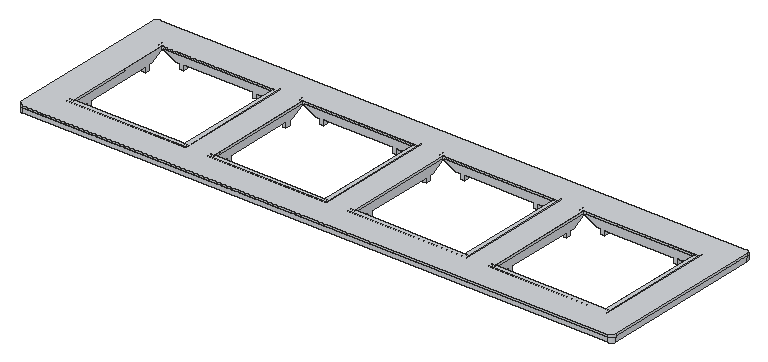
Revit family "Gira_0214255", category Electrical Fixtures, host Face, Revit 2017
Family settings
  Host = Face
  Maintain Annotation Orientation = No
  Round Connector Dimension = Use Diameter
  Part Type = Normal
  Cut with Voids When Loaded = No
  Shared = No
  Room Calculation Point = No
Parameters (values of type "Cov.fr. 4-g flat Gira E2 c.alum.")
  With mounting grid = "No"
  With hinged lid = "No"
  URL = "http://katalog.gira.de/en/datenblatt.html?artikelnr=0214255"
  Type of fastening = "Clamp mounting"
  Transparent = "No"
  Surface protection = "Other"
  Suitable for wall duct = "No"
  Suitable for flush-mounted installation = "Yes"
  Suitable for floor box = "No"
  Suitable for built-in installation = "No"
  Number of units vertical = "4"
  Number of units horizontal = "4"
  Number of units = "4"
  Name = "Cov.fr. 4-g flat Gira E2 c.alum."
  Mounting direction = "Horizontal and vertical"
  Material quality = "Thermoplastic"
  Material = "Plastic"
  Manufacturer URL = "https://www.gira.de/"
  Manufacturer = "Gira"
  Label space/information surface = "No"
  Keynote = ""
  HeinzeBIM = "https://bimportal.heinze.de/bim/cov-fr-4-g-flat-gira-e2-c-alum-/c21f727d1ff6ac034fc66f4489626bb5254fbf10"
  Halogen free = "Yes"
  HAN = "0214255"
  GTIN = "4010337021346"
  Description = "Cov.fr.4g flat E2 CAl,Gira E2 cover frame for flat installation,colour aluminium,4-gang,"
  Degree of protection (IP) = "IP20"
  Default Elevation = 1219.2 mm
  Data sheet (1) = "https://katalog.gira.de/en/download.html?artikelnr=0214255"
  Colour = "Aluminium"
  Category = "Cover frame for domestic switching devices"
  BIM (1) = "https://media.stage.bim.site/public/gira/36a6b08/E2flach_Rahmen_4fach.rfa"
  Available = "No"
Reference planes
  plane 1 "Center (Front/Back)": y = 0
  plane 2: z = 0
  plane 3 "Center (Left/Right)": x = 0
Forms (mm)
  Extrusion 1, solid, detail levels fine
    sketch origin (0, 0, 0) x (1, 0, 0) y (0, 1, 0)
      loop
        arc (-148.2, 43.9) -> (-149.968, 43.168) -> (-150.7, 41.4) r 2.5
        line (-150.7, 41.4) -> (-150.7, -41.4)
        arc (-150.7, -41.4) -> (-149.968, -43.168) -> (-148.2, -43.9) r 2.5
        line (-148.2, -43.9) -> (148.2, -43.9)
        arc (148.2, -43.9) -> (149.968, -43.168) -> (150.7, -41.4) r 2.5
        line (150.7, -41.4) -> (150.7, 41.4)
        arc (150.7, 41.4) -> (149.968, 43.168) -> (148.2, 43.9) r 2.5
        line (148.2, 43.9) -> (-148.2, 43.9)
      loop
        spline (-134.944, -27.245) -> (-134.936, -27.363) -> (-134.913, -27.478) -> (-134.875, -27.589) -> (-134.823, -27.695) -> (-134.758, -27.792) -> (-134.681, -27.881) -> (-134.592, -27.958) -> (-134.495, -28.023) -> (-134.389, -28.075) -> (-134.278, -28.113) -> (-134.163, -28.136) -> (-134.045, -28.144)
        line (-134.045, -28.144) -> (-79.555, -28.144)
        spline (-79.555, -28.144) -> (-79.437, -28.136) -> (-79.322, -28.113) -> (-79.211, -28.075) -> (-79.105, -28.023) -> (-79.008, -27.958) -> (-78.919, -27.881) -> (-78.842, -27.792) -> (-78.777, -27.695) -> (-78.725, -27.589) -> (-78.687, -27.478) -> (-78.664, -27.363) -> (-78.656, -27.245)
        line (-78.656, -27.245) -> (-78.656, 27.245)
        spline (-78.656, 27.245) -> (-78.664, 27.363) -> (-78.687, 27.478) -> (-78.725, 27.589) -> (-78.777, 27.695) -> (-78.842, 27.792) -> (-78.919, 27.881) -> (-79.008, 27.958) -> (-79.105, 28.023) -> (-79.211, 28.075) -> (-79.322, 28.113) -> (-79.437, 28.136) -> (-79.555, 28.144)
        line (-79.555, 28.144) -> (-134.045, 28.144)
        spline (-134.045, 28.144) -> (-134.163, 28.136) -> (-134.278, 28.113) -> (-134.389, 28.075) -> (-134.495, 28.023) -> (-134.592, 27.958) -> (-134.681, 27.881) -> (-134.758, 27.792) -> (-134.823, 27.695) -> (-134.875, 27.589) -> (-134.913, 27.478) -> (-134.936, 27.363) -> (-134.944, 27.245)
        line (-134.944, 27.245) -> (-134.944, -27.245)
      loop
        spline (134.045, -28.144) -> (134.163, -28.136) -> (134.278, -28.113) -> (134.389, -28.075) -> (134.495, -28.023) -> (134.592, -27.958) -> (134.681, -27.881) -> (134.758, -27.792) -> (134.823, -27.695) -> (134.875, -27.589) -> (134.913, -27.478) -> (134.936, -27.363) -> (134.944, -27.245)
        line (134.944, -27.245) -> (134.944, 27.245)
        spline (134.944, 27.245) -> (134.936, 27.363) -> (134.913, 27.478) -> (134.875, 27.589) -> (134.823, 27.695) -> (134.758, 27.792) -> (134.681, 27.881) -> (134.592, 27.958) -> (134.495, 28.023) -> (134.389, 28.075) -> (134.278, 28.113) -> (134.163, 28.136) -> (134.045, 28.144)
        line (134.045, 28.144) -> (79.555, 28.144)
        spline (79.555, 28.144) -> (79.437, 28.136) -> (79.322, 28.113) -> (79.211, 28.075) -> (79.105, 28.023) -> (79.008, 27.958) -> (78.919, 27.881) -> (78.842, 27.792) -> (78.777, 27.695) -> (78.725, 27.589) -> (78.687, 27.478) -> (78.664, 27.363) -> (78.656, 27.245)
        line (78.656, 27.245) -> (78.656, -27.245)
        spline (78.656, -27.245) -> (78.664, -27.363) -> (78.687, -27.478) -> (78.725, -27.589) -> (78.777, -27.695) -> (78.842, -27.792) -> (78.919, -27.881) -> (79.008, -27.958) -> (79.105, -28.023) -> (79.211, -28.075) -> (79.322, -28.113) -> (79.437, -28.136) -> (79.555, -28.144)
        line (79.555, -28.144) -> (134.045, -28.144)
      loop
        spline (-63.744, -27.245) -> (-63.736, -27.363) -> (-63.713, -27.478) -> (-63.675, -27.589) -> (-63.623, -27.695) -> (-63.558, -27.792) -> (-63.481, -27.881) -> (-63.392, -27.958) -> (-63.295, -28.023) -> (-63.189, -28.075) -> (-63.078, -28.113) -> (-62.963, -28.136) -> (-62.845, -28.144)
        line (-62.845, -28.144) -> (-8.355, -28.144)
        spline (-8.355, -28.144) -> (-8.237, -28.136) -> (-8.122, -28.113) -> (-8.011, -28.075) -> (-7.905, -28.023) -> (-7.808, -27.958) -> (-7.719, -27.881) -> (-7.642, -27.792) -> (-7.577, -27.695) -> (-7.525, -27.589) -> (-7.487, -27.478) -> (-7.464, -27.363) -> (-7.456, -27.245)
        line (-7.456, -27.245) -> (-7.456, 27.245)
        spline (-7.456, 27.245) -> (-7.464, 27.363) -> (-7.487, 27.478) -> (-7.525, 27.589) -> (-7.577, 27.695) -> (-7.642, 27.792) -> (-7.719, 27.881) -> (-7.808, 27.958) -> (-7.905, 28.023) -> (-8.011, 28.075) -> (-8.122, 28.113) -> (-8.237, 28.136) -> (-8.355, 28.144)
        line (-8.355, 28.144) -> (-62.845, 28.144)
        spline (-62.845, 28.144) -> (-62.963, 28.136) -> (-63.078, 28.113) -> (-63.189, 28.075) -> (-63.295, 28.023) -> (-63.392, 27.958) -> (-63.481, 27.881) -> (-63.558, 27.792) -> (-63.623, 27.695) -> (-63.675, 27.589) -> (-63.713, 27.478) -> (-63.736, 27.363) -> (-63.744, 27.245)
        line (-63.744, 27.245) -> (-63.744, -27.245)
      loop
        spline (7.456, -27.245) -> (7.464, -27.363) -> (7.487, -27.478) -> (7.525, -27.589) -> (7.577, -27.695) -> (7.642, -27.792) -> (7.719, -27.881) -> (7.808, -27.958) -> (7.905, -28.023) -> (8.011, -28.075) -> (8.122, -28.113) -> (8.237, -28.136) -> (8.355, -28.144)
        line (8.355, -28.144) -> (62.845, -28.144)
        spline (62.845, -28.144) -> (62.963, -28.136) -> (63.078, -28.113) -> (63.189, -28.075) -> (63.295, -28.023) -> (63.392, -27.958) -> (63.481, -27.881) -> (63.558, -27.792) -> (63.623, -27.695) -> (63.675, -27.589) -> (63.713, -27.478) -> (63.736, -27.363) -> (63.744, -27.245)
        line (63.744, -27.245) -> (63.744, 27.245)
        spline (63.744, 27.245) -> (63.736, 27.363) -> (63.713, 27.478) -> (63.675, 27.589) -> (63.623, 27.695) -> (63.558, 27.792) -> (63.481, 27.881) -> (63.392, 27.958) -> (63.295, 28.023) -> (63.189, 28.075) -> (63.078, 28.113) -> (62.963, 28.136) -> (62.845, 28.144)
        line (62.845, 28.144) -> (8.355, 28.144)
        spline (8.355, 28.144) -> (8.237, 28.136) -> (8.122, 28.113) -> (8.011, 28.075) -> (7.905, 28.023) -> (7.808, 27.958) -> (7.719, 27.881) -> (7.642, 27.792) -> (7.577, 27.695) -> (7.525, 27.589) -> (7.487, 27.478) -> (7.464, 27.363) -> (7.456, 27.245)
        line (7.456, 27.245) -> (7.456, -27.245)
    from 2.5 to 3.4
  Extrusion 2, solid, detail levels fine
    sketch origin (0, 0, 0) x (1, 0, 0) y (0, 1, 0)
      loop
        arc (-148.2, 43.9) -> (-149.968, 43.168) -> (-150.7, 41.4) r 2.5
        line (-150.7, 41.4) -> (-150.7, -41.4)
        arc (-150.7, -41.4) -> (-149.968, -43.168) -> (-148.2, -43.9) r 2.5
        line (-148.2, -43.9) -> (148.2, -43.9)
        arc (148.2, -43.9) -> (149.968, -43.168) -> (150.7, -41.4) r 2.5
        line (150.7, -41.4) -> (150.7, 41.4)
        arc (150.7, 41.4) -> (149.968, 43.168) -> (148.2, 43.9) r 2.5
        line (148.2, 43.9) -> (-148.2, 43.9)
      loop
        arc (-148.2, 43.4) -> (-149.614, 42.814) -> (-150.2, 41.4) r 2
        line (-150.2, 41.4) -> (-150.2, -41.4)
        arc (-150.2, -41.4) -> (-149.614, -42.814) -> (-148.2, -43.4) r 2
        line (-148.2, -43.4) -> (148.2, -43.4)
        arc (148.2, -43.4) -> (149.614, -42.814) -> (150.2, -41.4) r 2
        line (150.2, -41.4) -> (150.2, 41.4)
        arc (150.2, 41.4) -> (149.614, 42.814) -> (148.2, 43.4) r 2
        line (148.2, 43.4) -> (-148.2, 43.4)
    from 0 to 2.5
  Extrusion 3, solid, detail levels fine
    sketch origin (-106.8, 0, 0) x (1, 0, 0) y (0, 0, 1)
      loop
        line (-17.5, -4.06) -> (-17.5, -1.56) -> (17.5, -1.56) -> (17.5, -4.06) -> (19.5, -4.06) -> (19.5, -1.56) -> (21.654, -1.56) -> (27.214, 1.65) -> (30, 1.65) -> (30, 3.4) -> (-30, 3.4) -> (-30, 1.65) -> (-27.214, 1.65) -> (-21.654, -1.56) -> (-19.5, -1.56) -> (-19.5, -4.06) -> (-17.5, -4.06)
    from 28.144 to 30
  Extrusion 4, solid, detail levels fine
    sketch origin (-106.8, 0, 0) x (0, -1, 0) y (0, 0, -1)
      loop
        line (-17.5, 4.06) -> (-19.5, 4.06) -> (-19.5, 1.56) -> (-21.654, 1.56) -> (-27.214, -1.65) -> (-28.144, -1.65) -> (-28.144, -3.4) -> (28.144, -3.4) -> (28.144, -1.65) -> (27.214, -1.65) -> (21.654, 1.56) -> (19.5, 1.56) -> (19.5, 4.06) -> (17.5, 4.06) -> (17.5, 1.56) -> (-17.5, 1.56) -> (-17.5, 4.06)
    from 28.144 to 30
  Extrusion 5, solid, detail levels medium
    sketch origin (-106.8, 0, 0) x (0, -1, 0) y (0, 0, 1)
      loop
        line (-17.5, -4.06) -> (-17.5, -1.56) -> (17.5, -1.56) -> (17.5, -4.06) -> (19.5, -4.06) -> (19.5, -1.56) -> (28.144, -1.56) -> (28.144, 3.4) -> (-28.144, 3.4) -> (-28.144, -1.56) -> (-19.5, -1.56) -> (-19.5, -4.06) -> (-17.5, -4.06)
    from 28.144 to 30
  Extrusion 6, solid, detail levels fine
    sketch origin (-106.8, 0, 0) x (1, 0, 0) y (0, 0, -1)
      loop
        line (-17.5, 4.06) -> (-19.5, 4.06) -> (-19.5, 1.56) -> (-21.654, 1.56) -> (-27.214, -1.65) -> (-30, -1.65) -> (-30, -3.4) -> (30, -3.4) -> (30, -1.65) -> (27.214, -1.65) -> (21.654, 1.56) -> (19.5, 1.56) -> (19.5, 4.06) -> (17.5, 4.06) -> (17.5, 1.56) -> (-17.5, 1.56) -> (-17.5, 4.06)
    from 28.144 to 30
  Extrusion 7, solid, detail levels coarse
    sketch origin (0, 0, 0) x (1, 0, 0) y (0, 1, 0)
      loop
        line (-150.7, 43.9) -> (-150.7, -43.9) -> (150.7, -43.9) -> (150.7, 43.9) -> (-150.7, 43.9)
    from -4.06 to 3.4
  Extrusion 8, solid, detail levels medium
    sketch origin (0, 0, 0) x (1, 0, 0) y (0, 1, 0)
      loop
        line (-150.7, 43.9) -> (-150.7, -43.9) -> (150.7, -43.9) -> (150.7, 43.9) -> (-150.7, 43.9)
    from 0 to 3.4
  Extrusion 9, solid, detail levels medium
    sketch origin (-106.8, 0, 0) x (1, 0, 0) y (0, 0, 1)
      loop
        line (-17.5, -4.06) -> (-17.5, -1.56) -> (17.5, -1.56) -> (17.5, -4.06) -> (19.5, -4.06) -> (19.5, -1.56) -> (30, -1.56) -> (30, 3.4) -> (-30, 3.4) -> (-30, -1.56) -> (-19.5, -1.56) -> (-19.5, -4.06) -> (-17.5, -4.06)
    from 28.144 to 30
  Extrusion 10, solid, detail levels medium
    sketch origin (-106.8, 0, 0) x (1, 0, 0) y (0, 0, -1)
      loop
        line (-17.5, 4.06) -> (-19.5, 4.06) -> (-19.5, 1.56) -> (-30, 1.56) -> (-30, -3.4) -> (30, -3.4) -> (30, 1.56) -> (19.5, 1.56) -> (19.5, 4.06) -> (17.5, 4.06) -> (17.5, 1.56) -> (-17.5, 1.56) -> (-17.5, 4.06)
    from 28.144 to 30
  Extrusion 11, solid, detail levels medium
    sketch origin (-106.8, 0, 0) x (0, -1, 0) y (0, 0, -1)
      loop
        line (-17.5, 4.06) -> (-19.5, 4.06) -> (-19.5, 1.56) -> (-28.144, 1.56) -> (-28.144, -3.4) -> (28.144, -3.4) -> (28.144, 1.56) -> (19.5, 1.56) -> (19.5, 4.06) -> (17.5, 4.06) -> (17.5, 1.56) -> (-17.5, 1.56) -> (-17.5, 4.06)
    from 28.144 to 30
  Extrusion 12, solid, detail levels fine
    sketch origin (35.6, 0, 0) x (-1, 0, 0) y (0, 0, -1)
      loop
        line (-17.5, 4.06) -> (-19.5, 4.06) -> (-19.5, 1.56) -> (-21.654, 1.56) -> (-27.214, -1.65) -> (-30, -1.65) -> (-30, -3.4) -> (30, -3.4) -> (30, -1.65) -> (27.214, -1.65) -> (21.654, 1.56) -> (19.5, 1.56) -> (19.5, 4.06) -> (17.5, 4.06) -> (17.5, 1.56) -> (-17.5, 1.56) -> (-17.5, 4.06)
    from 28.144 to 30
  Extrusion 13, solid, detail levels fine
    sketch origin (35.6, 0, 0) x (0, -1, 0) y (0, 0, 1)
      loop
        line (-17.5, -4.06) -> (-17.5, -1.56) -> (17.5, -1.56) -> (17.5, -4.06) -> (19.5, -4.06) -> (19.5, -1.56) -> (21.654, -1.56) -> (27.214, 1.65) -> (28.144, 1.65) -> (28.144, 3.4) -> (-28.144, 3.4) -> (-28.144, 1.65) -> (-27.214, 1.65) -> (-21.654, -1.56) -> (-19.5, -1.56) -> (-19.5, -4.06) -> (-17.5, -4.06)
    from 28.144 to 30
  Extrusion 14, solid, detail levels medium
    sketch origin (35.6, 0, 0) x (0, -1, 0) y (0, 0, -1)
      loop
        line (-17.5, 4.06) -> (-19.5, 4.06) -> (-19.5, 1.56) -> (-28.144, 1.56) -> (-28.144, -3.4) -> (28.144, -3.4) -> (28.144, 1.56) -> (19.5, 1.56) -> (19.5, 4.06) -> (17.5, 4.06) -> (17.5, 1.56) -> (-17.5, 1.56) -> (-17.5, 4.06)
    from 28.144 to 30
  Extrusion 15, solid, detail levels fine
    sketch origin (35.6, 0, 0) x (-1, 0, 0) y (0, 0, 1)
      loop
        line (-17.5, -4.06) -> (-17.5, -1.56) -> (17.5, -1.56) -> (17.5, -4.06) -> (19.5, -4.06) -> (19.5, -1.56) -> (21.654, -1.56) -> (27.214, 1.65) -> (30, 1.65) -> (30, 3.4) -> (-30, 3.4) -> (-30, 1.65) -> (-27.214, 1.65) -> (-21.654, -1.56) -> (-19.5, -1.56) -> (-19.5, -4.06) -> (-17.5, -4.06)
    from 28.144 to 30
  Extrusion 16, solid, detail levels medium
    sketch origin (35.6, 0, 0) x (-1, 0, 0) y (0, 0, -1)
      loop
        line (-17.5, 4.06) -> (-19.5, 4.06) -> (-19.5, 1.56) -> (-30, 1.56) -> (-30, -3.4) -> (30, -3.4) -> (30, 1.56) -> (19.5, 1.56) -> (19.5, 4.06) -> (17.5, 4.06) -> (17.5, 1.56) -> (-17.5, 1.56) -> (-17.5, 4.06)
    from 28.144 to 30
  Extrusion 17, solid, detail levels medium
    sketch origin (35.6, 0, 0) x (-1, 0, 0) y (0, 0, 1)
      loop
        line (-17.5, -4.06) -> (-17.5, -1.56) -> (17.5, -1.56) -> (17.5, -4.06) -> (19.5, -4.06) -> (19.5, -1.56) -> (30, -1.56) -> (30, 3.4) -> (-30, 3.4) -> (-30, -1.56) -> (-19.5, -1.56) -> (-19.5, -4.06) -> (-17.5, -4.06)
    from 28.144 to 30
  Extrusion 18, solid, detail levels medium
    sketch origin (35.6, 0, 0) x (0, -1, 0) y (0, 0, 1)
      loop
        line (-17.5, -4.06) -> (-17.5, -1.56) -> (17.5, -1.56) -> (17.5, -4.06) -> (19.5, -4.06) -> (19.5, -1.56) -> (28.144, -1.56) -> (28.144, 3.4) -> (-28.144, 3.4) -> (-28.144, -1.56) -> (-19.5, -1.56) -> (-19.5, -4.06) -> (-17.5, -4.06)
    from 28.144 to 30
  Extrusion 19, solid, detail levels fine
    sketch origin (-164.944, 0, 0) x (0, -1, 0) y (0, 0, -1)
      loop
        line (-17.5, 4.06) -> (-19.5, 4.06) -> (-19.5, 1.56) -> (-21.654, 1.56) -> (-27.214, -1.65) -> (-28.144, -1.65) -> (-28.144, -3.4) -> (28.144, -3.4) -> (28.144, -1.65) -> (27.214, -1.65) -> (21.654, 1.56) -> (19.5, 1.56) -> (19.5, 4.06) -> (17.5, 4.06) -> (17.5, 1.56) -> (-17.5, 1.56) -> (-17.5, 4.06)
    from 28.144 to 30
  Extrusion 20, solid, detail levels fine
    sketch origin (93.744, 0, 0) x (0, -1, 0) y (0, 0, 1)
      loop
        line (-17.5, -4.06) -> (-17.5, -1.56) -> (17.5, -1.56) -> (17.5, -4.06) -> (19.5, -4.06) -> (19.5, -1.56) -> (21.654, -1.56) -> (27.214, 1.65) -> (28.144, 1.65) -> (28.144, 3.4) -> (-28.144, 3.4) -> (-28.144, 1.65) -> (-27.214, 1.65) -> (-21.654, -1.56) -> (-19.5, -1.56) -> (-19.5, -4.06) -> (-17.5, -4.06)
    from 28.144 to 30
  Extrusion 21, solid, detail levels fine
    sketch origin (-35.6, 0, 0) x (-1, 0, 0) y (0, 0, -1)
      loop
        line (-17.5, 4.06) -> (-19.5, 4.06) -> (-19.5, 1.56) -> (-21.654, 1.56) -> (-27.214, -1.65) -> (-30, -1.65) -> (-30, -3.4) -> (30, -3.4) -> (30, -1.65) -> (27.214, -1.65) -> (21.654, 1.56) -> (19.5, 1.56) -> (19.5, 4.06) -> (17.5, 4.06) -> (17.5, 1.56) -> (-17.5, 1.56) -> (-17.5, 4.06)
    from 28.144 to 30
  Extrusion 22, solid, detail levels fine
    sketch origin (-35.6, 0, 0) x (0, -1, 0) y (0, 0, 1)
      loop
        line (-17.5, -4.06) -> (-17.5, -1.56) -> (17.5, -1.56) -> (17.5, -4.06) -> (19.5, -4.06) -> (19.5, -1.56) -> (21.654, -1.56) -> (27.214, 1.65) -> (28.144, 1.65) -> (28.144, 3.4) -> (-28.144, 3.4) -> (-28.144, 1.65) -> (-27.214, 1.65) -> (-21.654, -1.56) -> (-19.5, -1.56) -> (-19.5, -4.06) -> (-17.5, -4.06)
    from 28.144 to 30
  Extrusion 23, solid, detail levels medium
    sketch origin (-35.6, 0, 0) x (0, -1, 0) y (0, 0, -1)
      loop
        line (-17.5, 4.06) -> (-19.5, 4.06) -> (-19.5, 1.56) -> (-28.144, 1.56) -> (-28.144, -3.4) -> (28.144, -3.4) -> (28.144, 1.56) -> (19.5, 1.56) -> (19.5, 4.06) -> (17.5, 4.06) -> (17.5, 1.56) -> (-17.5, 1.56) -> (-17.5, 4.06)
    from 28.144 to 30
  Extrusion 24, solid, detail levels fine
    sketch origin (-35.6, 0, 0) x (-1, 0, 0) y (0, 0, 1)
      loop
        line (-17.5, -4.06) -> (-17.5, -1.56) -> (17.5, -1.56) -> (17.5, -4.06) -> (19.5, -4.06) -> (19.5, -1.56) -> (21.654, -1.56) -> (27.214, 1.65) -> (30, 1.65) -> (30, 3.4) -> (-30, 3.4) -> (-30, 1.65) -> (-27.214, 1.65) -> (-21.654, -1.56) -> (-19.5, -1.56) -> (-19.5, -4.06) -> (-17.5, -4.06)
    from 28.144 to 30
  Extrusion 25, solid, detail levels medium
    sketch origin (-35.6, 0, 0) x (-1, 0, 0) y (0, 0, -1)
      loop
        line (-17.5, 4.06) -> (-19.5, 4.06) -> (-19.5, 1.56) -> (-30, 1.56) -> (-30, -3.4) -> (30, -3.4) -> (30, 1.56) -> (19.5, 1.56) -> (19.5, 4.06) -> (17.5, 4.06) -> (17.5, 1.56) -> (-17.5, 1.56) -> (-17.5, 4.06)
    from 28.144 to 30
  Extrusion 26, solid, detail levels medium
    sketch origin (-35.6, 0, 0) x (-1, 0, 0) y (0, 0, 1)
      loop
        line (-17.5, -4.06) -> (-17.5, -1.56) -> (17.5, -1.56) -> (17.5, -4.06) -> (19.5, -4.06) -> (19.5, -1.56) -> (30, -1.56) -> (30, 3.4) -> (-30, 3.4) -> (-30, -1.56) -> (-19.5, -1.56) -> (-19.5, -4.06) -> (-17.5, -4.06)
    from 28.144 to 30
  Extrusion 27, solid, detail levels medium
    sketch origin (-35.6, 0, 0) x (0, -1, 0) y (0, 0, 1)
      loop
        line (-17.5, -4.06) -> (-17.5, -1.56) -> (17.5, -1.56) -> (17.5, -4.06) -> (19.5, -4.06) -> (19.5, -1.56) -> (28.144, -1.56) -> (28.144, 3.4) -> (-28.144, 3.4) -> (-28.144, -1.56) -> (-19.5, -1.56) -> (-19.5, -4.06) -> (-17.5, -4.06)
    from 28.144 to 30
  Extrusion 28, solid, detail levels fine
    sketch origin (22.544, 0, 0) x (0, -1, 0) y (0, 0, 1)
      loop
        line (-17.5, -4.06) -> (-17.5, -1.56) -> (17.5, -1.56) -> (17.5, -4.06) -> (19.5, -4.06) -> (19.5, -1.56) -> (21.654, -1.56) -> (27.214, 1.65) -> (28.144, 1.65) -> (28.144, 3.4) -> (-28.144, 3.4) -> (-28.144, 1.65) -> (-27.214, 1.65) -> (-21.654, -1.56) -> (-19.5, -1.56) -> (-19.5, -4.06) -> (-17.5, -4.06)
    from 28.144 to 30
  Extrusion 29, solid, detail levels fine
    sketch origin (106.8, 0, 0) x (-1, 0, 0) y (0, 0, -1)
      loop
        line (-17.5, 4.06) -> (-19.5, 4.06) -> (-19.5, 1.56) -> (-21.654, 1.56) -> (-27.214, -1.65) -> (-30, -1.65) -> (-30, -3.4) -> (30, -3.4) -> (30, -1.65) -> (27.214, -1.65) -> (21.654, 1.56) -> (19.5, 1.56) -> (19.5, 4.06) -> (17.5, 4.06) -> (17.5, 1.56) -> (-17.5, 1.56) -> (-17.5, 4.06)
    from 28.144 to 30
  Extrusion 30, solid, detail levels fine
    sketch origin (106.8, 0, 0) x (0, -1, 0) y (0, 0, 1)
      loop
        line (-17.5, -4.06) -> (-17.5, -1.56) -> (17.5, -1.56) -> (17.5, -4.06) -> (19.5, -4.06) -> (19.5, -1.56) -> (21.654, -1.56) -> (27.214, 1.65) -> (28.144, 1.65) -> (28.144, 3.4) -> (-28.144, 3.4) -> (-28.144, 1.65) -> (-27.214, 1.65) -> (-21.654, -1.56) -> (-19.5, -1.56) -> (-19.5, -4.06) -> (-17.5, -4.06)
    from 28.144 to 30
  Extrusion 31, solid, detail levels medium
    sketch origin (106.8, 0, 0) x (0, -1, 0) y (0, 0, -1)
      loop
        line (-17.5, 4.06) -> (-19.5, 4.06) -> (-19.5, 1.56) -> (-28.144, 1.56) -> (-28.144, -3.4) -> (28.144, -3.4) -> (28.144, 1.56) -> (19.5, 1.56) -> (19.5, 4.06) -> (17.5, 4.06) -> (17.5, 1.56) -> (-17.5, 1.56) -> (-17.5, 4.06)
    from 28.144 to 30
  Extrusion 32, solid, detail levels fine
    sketch origin (106.8, 0, 0) x (-1, 0, 0) y (0, 0, 1)
      loop
        line (-17.5, -4.06) -> (-17.5, -1.56) -> (17.5, -1.56) -> (17.5, -4.06) -> (19.5, -4.06) -> (19.5, -1.56) -> (21.654, -1.56) -> (27.214, 1.65) -> (30, 1.65) -> (30, 3.4) -> (-30, 3.4) -> (-30, 1.65) -> (-27.214, 1.65) -> (-21.654, -1.56) -> (-19.5, -1.56) -> (-19.5, -4.06) -> (-17.5, -4.06)
    from 28.144 to 30
  Extrusion 33, solid, detail levels medium
    sketch origin (106.8, 0, 0) x (-1, 0, 0) y (0, 0, -1)
      loop
        line (-17.5, 4.06) -> (-19.5, 4.06) -> (-19.5, 1.56) -> (-30, 1.56) -> (-30, -3.4) -> (30, -3.4) -> (30, 1.56) -> (19.5, 1.56) -> (19.5, 4.06) -> (17.5, 4.06) -> (17.5, 1.56) -> (-17.5, 1.56) -> (-17.5, 4.06)
    from 28.144 to 30
  Extrusion 34, solid, detail levels medium
    sketch origin (106.8, 0, 0) x (-1, 0, 0) y (0, 0, 1)
      loop
        line (-17.5, -4.06) -> (-17.5, -1.56) -> (17.5, -1.56) -> (17.5, -4.06) -> (19.5, -4.06) -> (19.5, -1.56) -> (30, -1.56) -> (30, 3.4) -> (-30, 3.4) -> (-30, -1.56) -> (-19.5, -1.56) -> (-19.5, -4.06) -> (-17.5, -4.06)
    from 28.144 to 30
  Extrusion 35, solid, detail levels medium
    sketch origin (106.8, 0, 0) x (0, -1, 0) y (0, 0, 1)
      loop
        line (-17.5, -4.06) -> (-17.5, -1.56) -> (17.5, -1.56) -> (17.5, -4.06) -> (19.5, -4.06) -> (19.5, -1.56) -> (28.144, -1.56) -> (28.144, 3.4) -> (-28.144, 3.4) -> (-28.144, -1.56) -> (-19.5, -1.56) -> (-19.5, -4.06) -> (-17.5, -4.06)
    from 28.144 to 30
  Extrusion 36, solid, detail levels fine
    sketch origin (164.944, 0, 0) x (0, -1, 0) y (0, 0, 1)
      loop
        line (-17.5, -4.06) -> (-17.5, -1.56) -> (17.5, -1.56) -> (17.5, -4.06) -> (19.5, -4.06) -> (19.5, -1.56) -> (21.654, -1.56) -> (27.214, 1.65) -> (28.144, 1.65) -> (28.144, 3.4) -> (-28.144, 3.4) -> (-28.144, 1.65) -> (-27.214, 1.65) -> (-21.654, -1.56) -> (-19.5, -1.56) -> (-19.5, -4.06) -> (-17.5, -4.06)
    from 28.144 to 30
Dimensions and locks
  aligned and locked: plane 2 to host face
  aligned and locked: level to host face
